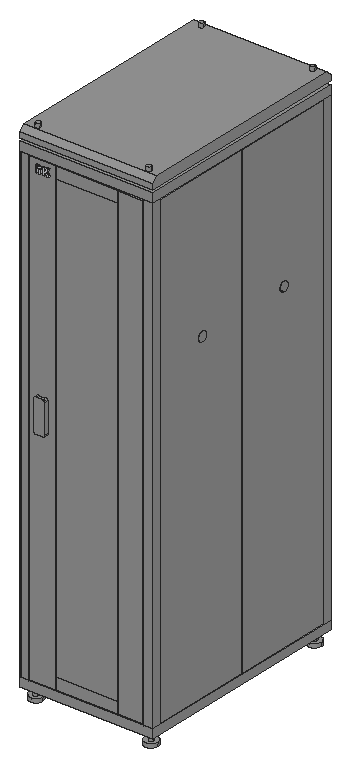
Revit family "ITK Шкаф сетевой 19 LINEA N 18U (600х1000 мм ) перфорация и перфорация", category Электрооборудование, Revit 2016
Family settings
  Тип детали = Другая панель
  Размер круглого соединителя = Использовать диаметр
  Номер OmniClass = 23.80.30.11.17
  Заголовок OmniClass = Distribution Boards and Control Panels
  На основе рабочей плоскости = Нет
  Всегда вертикально = Да
  При загрузке вырезать с полостями = Нет
  Общий = Нет
  Точка расчета площади = Нет
Parameters
  Ширина УГО = Ширина / 100  # 6 mm
  Ширина = 600 mm
  Степень защиты = "IP20"
  Смещение УГО по X [instance] = 1000 mm
  Основание = 50 mm
  Описание = "Напольные 19-дюймовые шкафы серии LINEA N применяются для размещения различного телекоммуникационного 19-дюймового активного и пассивного оборудования и небольших серверов, а также специализированного оборудования стандарта 19 дюймов, и отлично подходят для размещения как в офисных помещениях, так и в специализированных серверных комнатах.\r\n\r\nШирокий диапазон типоразмеров и модификаций сетевых шкафов, а также наличие большого количества комплектующих и аксессуаров к ним позволяет заказчику подобрать необходимую спецификацию в соответствии со стоящими перед ним задачами, а соответствие международным стандартам, таким как ISO9001, IEC 297, ISO/IEC 1180, обеспечивает совместимость с компонентами СКС и оборудованием других производителей.\r\n\r\nШкафы LINEA N обладают современным привлекательным дизайном и технологичной, но в то же время простой и удобной конструкцией, которая дает возможность эффективно справляться с задачами быстрого монтажа, администрирования и оперативного изменения конфигурации 19-дюймового оборудования, задачей защиты этого оборудования и поддержания для него оптимального температурного режима. Доступ внутрь шкафа возможен со всех сторон, для ввода кабеля предусмотрены вводы в верхней и нижней части. Сборка шкафа осуществляется одним специалистом и занимает не более 20 минут.\r\nРегулируемые по глубине 19-дюймовые направляющие.\r\nСовременный привлекательный дизайн.\r\nМонтажные профили имеют разметку в юнитах (U).\r\nХорошая естественная вентиляция, возможность установки дополнительных вентиляторных модулей.\r\nБоковые стенки оснащены замком и защелками.\r\nВозможность замены регулируемых ножек на ролики с тормозом.\r\nСтатическая нагрузка до 1000 кг (ножки).\r\nСборка одним человеком за 20 минут.\r\nНаличие большого количества совместимых аксессуаров и комплектующих производства ITK.\r\nВозможно исполнение в двух цветах: сером (RAL7035) и черном (RAL9005).\r\nРасширенная гарантия до 10 лет."  # constant formula
  Материал = Окраска - RAL 9005
  Крышка вентиляционная = 60 mm
  Type Comments = " "
  Assembly Code = ""
  Изготовитель = "ITK"  # constant formula
  Засечка УГО = 1.2 mm  # constant formula
  Model = ""
  Глубина УГО = Глубина / 100  # 10 mm
  Глубина = 1000 mm
  Высота = 2312 mm
  Вид установки = "Напольный"
  URL = "http://www.itk-group.ru/produktsiya/catalog/?page=section&id=450&pagen=1&pagec=100"
  ADSK_Ток = ADSK_Номинальная мощность / (ADSK_Коэффициент мощности * ADSK_Напряжение * sqrt(ADSK_Количество фаз числовое))  # 0 A
  ADSK_Примечание = ""
  ADSK_Полная мощность = ADSK_Номинальная мощность / ADSK_Коэффициент мощности  # 0 VA
  ADSK_Позиция [instance] = ""
  ADSK_Номинальная мощность = 0 W
  ADSK_Напряжение = 220 V
  ADSK_Наименование краткое = "LN35-47U61-PP"
  ADSK_Наименование = "ITK Шкаф сетевой 19\" LINEA N 47U 600х1000 мм, перфорированные передняя и задняя двери, серый"
  ADSK_Масса = 0
  ADSK_Марка = "LN35-47U61-PP"
  ADSK_Коэффициент мощности = 1
  ADSK_Количество фаз числовое = 1
  ADSK_Количество фаз = 1
  ADSK_Код изделия = ""
  ADSK_Классификация нагрузок = Прочее
  ADSK_Завод-изготовитель = "IEK"
  ADSK_Единица измерения = "шт"
  ADSK_Группирование = "I. ЩИТЫ И ПУЛЬТЫ"
Reference planes
  plane 1 "По центру (Вперед/Назад)": y = 0
  plane 2: z = 0
  plane 3 "По центру (Влево/Вправо)": x = 0
  plane 4: x = -300
  plane 5: x = 300
  plane 6: y = 500
  plane 7: y = -500
  plane 8: z = 2312
  plane 9: z = 250
  plane 10: z = 2252
  plane 11: z = 50
  plane 12 "Смещение УГО по X": x = -1000
Forms (mm)
  Extrusion 1, solid, detail levels coarse+medium
    sketch origin (0, 0, 0) x (1, 0, 0) y (0, 1, 0)
      loop
        line (-300, 500) -> (-300, -500) -> (300, -500) -> (300, 500) -> (-300, 500)
    from 0 to 2312 <- "Высота"
Lines and regions (mm)
  reference lines
    curve 1: line (0, 241.146, 0) -> (0, -338.854, 0)
Dimensions and locks
  equal spacing: plane 7, plane 1 "По центру (Вперед/Назад)", plane 6
  "Глубина": plane 7 to plane 6
  equal spacing: plane 4, plane 3 "По центру (Влево/Вправо)", plane 5
  "Ширина": plane 4 to plane 5
  "Крышка вентиляционная": plane 8 to plane 10
  "Основание": plane 11 to plane 2
  "Высота": plane 8 to plane 2
  plane 12 "Смещение УГО по X" to plane 3 "По центру (Влево/Вправо)" = 1000 mm
  "Смещение УГО по X": plane 12 "Смещение УГО по X" to curve 1
  aligned and locked: level to plane 2
  aligned and locked: plane 1 "По центру (Вперед/Назад)" to nested 1
  aligned and locked: plane 3 "По центру (Влево/Вправо)" to nested 1
  aligned and locked: plane 1 "По центру (Вперед/Назад)" to nested 2
  aligned and locked: plane 3 "По центру (Влево/Вправо)" to nested 2
  aligned and locked: plane 3 "По центру (Влево/Вправо)" to nested 3
  aligned and locked: plane 1 "По центру (Вперед/Назад)" to nested 3
  aligned and locked: plane 1 "По центру (Вперед/Назад)" to nested 4
  aligned and locked: plane 3 "По центру (Влево/Вправо)" to nested 4
  aligned and locked: Extrusion 1 sketch curve to plane 4
  aligned and locked: Extrusion 1 sketch curve to plane 6
  aligned and locked: plane 7 to Extrusion 1 sketch curve
  aligned and locked: plane 5 to Extrusion 1 sketch curve
  aligned and locked: plane 3 "По центру (Влево/Вправо)" to nested 5
  aligned and locked: plane 1 "По центру (Вперед/Назад)" to nested 5
  aligned and locked: plane 3 "По центру (Влево/Вправо)" to nested 6
  aligned and locked: plane 7 to nested 6
  aligned and locked: plane 1 "По центру (Вперед/Назад)" to nested 7
  aligned and locked: nested 7 to curve 1
  aligned and locked: nested 8 to plane 3 "По центру (Влево/Вправо)"
  aligned and locked: plane 6 to nested 8
Automatic sketch dimensions
  curve 1 to plane 7 = 161.146 mm
  curve 1 to plane 1 "По центру (Вперед/Назад)" = 241.146 mm
Nested families
  nested 1: "Стойка_комплект 4шт" at (0, 0, 0), type "Стойка_комплект 4шт", detail levels fine
    with Основание 50 mm, Глубина 1000 mm, Высота 2312 mm
  nested 2: "Основание_2шт" at (0, 0, 0), type "Основание_2шт", detail levels fine
    with Крыша вентиляционная 60 mm, Глубина 1000 mm, Высота 2312 mm
  nested 3: "Крыша вентиляционная" at (0, 0, 0), type "Крыша вентиляционная", detail levels fine
    with Крыша вентиляционная 60 mm, Глубина 1000 mm, Высота 2312 mm
  nested 4: "Ножки" at (0, 0, 0), type "Ножки", detail levels fine
    with Крыша вентиляционная 60 mm, Глубина 1000 mm, Высота 2312 mm
  nested 5: "Панель боковая (1000мм)_2шт" at (0, 0, 0), type "Панель боковая (1000мм)_2шт", detail levels fine
  nested 6: "Комплект двери перфорированной" at (0, 0, 0), type "Комплект двери перфорированной", detail levels fine
    with Глубина 1000 mm
  nested 7: "УГО (две двери)" at (0, 0, 0), type "УГО (две двери)", detail levels coarse+medium
  nested 8: "Комплект двери перфорированной" at (0, 0, 0) x (-1, 0, 0) z (0, 0, 1), type "Комплект двери перфорированной", detail levels fine
    with Глубина 1000 mm
Connectors
  electrical at (0, 500, 1156), driven by "ADSK_Напряжение", driven by "ADSK_Количество фаз", driven by "ADSK_Коэффициент мощности", driven by "ADSK_Классификация нагрузок", driven by "ADSK_Полная мощность"
    settings: on Extrusion 1, index 1, voltage 220 V, apparent load 0 VA, apparent load phase1 0 VA, apparent load phase2 0 VA, apparent load phase3 0 VA, power factor 1, load classification "Прочее", number of poles 1, system type 31, power factor state 1, is connector primary yes, connector utility no, sub classification motor no, connector description ""
Definition of nested family "Стойка_комплект 4шт"
  Parameters
    Ширина = 600 mm
    Основание = 150 mm
    Материал = none
    Крыша вентиляционная = 60 mm
    Глубина = 600 mm
    Высота = 2200 mm
  Reference planes
    plane 1 "По центру (Вперед/Назад)": y = 0
    plane 2: z = 0
    plane 3 "По центру (Влево/Вправо)": x = 0
    plane 4: x = -300
    plane 5: x = 300
    plane 6: y = 300
    plane 7: y = -300
    plane 8: y = 260
    plane 9: y = -260
    plane 10: x = -260
    plane 11: x = 260
    plane 12: z = 2100
    plane 13: z = 190
    plane 14: z = 150
    plane 15: z = 2140
    plane 16: z = 2200
  Forms (mm)
    Extrusion 1, solid, material <- "Материал"
      sketch origin (0, 0, 0) x (1, 0, 0) y (0, 1, 0)
        loop
          line (-300, -260) -> (-300, -300) -> (-260, -300) -> (-260, -280) -> (-245, -280) -> (-245, -260) -> (-260, -260) -> (-260, -245) -> (-270, -245) -> (-270, -260) -> (-300, -260)
        loop
          line (300, -260) -> (270, -260) -> (270, -245) -> (260, -245) -> (260, -260) -> (245, -260) -> (245, -280) -> (260, -280) -> (260, -300) -> (300, -300) -> (300, -260)
        loop
          line (300, 260) -> (300, 300) -> (260, 300) -> (260, 270) -> (245, 270) -> (245, 260) -> (260, 260) -> (260, 245) -> (270, 245) -> (270, 260) -> (300, 260)
        loop
          line (-300, 260) -> (-270, 260) -> (-270, 245) -> (-260, 245) -> (-260, 260) -> (-245, 260) -> (-245, 270) -> (-260, 270) -> (-260, 300) -> (-300, 300) -> (-300, 260)
        loop
          line (297, 297) -> (263, 297) -> (263, 267) -> (248, 267) -> (248, 263) -> (263, 263) -> (263, 248) -> (267, 248) -> (267, 263) -> (297, 263) -> (297, 297)
        loop
          line (-263, 297) -> (-297, 297) -> (-297, 263) -> (-267, 263) -> (-267, 248) -> (-263, 248) -> (-263, 263) -> (-248, 263) -> (-248, 267) -> (-263, 267) -> (-263, 297)
        loop
          line (-297, -263) -> (-297, -297) -> (-263, -297) -> (-263, -277) -> (-248, -277) -> (-248, -263) -> (-263, -263) -> (-263, -248) -> (-267, -248) -> (-267, -263) -> (-297, -263)
        loop
          line (263, -297) -> (297, -297) -> (297, -263) -> (267, -263) -> (267, -248) -> (263, -248) -> (263, -263) -> (248, -263) -> (248, -277) -> (263, -277) -> (263, -297)
      from 190 to 2100
  Dimensions and locks
    equal spacing: plane 7, plane 1 "По центру (Вперед/Назад)", plane 6
    equal spacing: plane 4, plane 3 "По центру (Влево/Вправо)", plane 5
    "Ширина": plane 4 to plane 5
    "Глубина": plane 7 to plane 6
    locked: plane 7 to plane 9 at 40
    locked: plane 6 to plane 8 at 40
    locked: plane 11 to plane 5 at 40
    locked: plane 4 to plane 10 at 40
    locked: plane 15 to plane 12 at 40
    "Крыша вентиляционная": plane 16 to plane 15
    locked: plane 13 to plane 14 at 40
    "Основание": plane 14 to plane 2
    "Высота": plane 16 to plane 2
    aligned and locked: level to plane 2
    aligned and locked: plane 9 to Extrusion 1 sketch curve
    aligned and locked: plane 4 to Extrusion 1 sketch curve
    aligned and locked: Extrusion 1 sketch curve to plane 7
    aligned and locked: plane 5 to Extrusion 1 sketch curve
    aligned and locked: plane 8 to Extrusion 1 sketch curve  (x2)
    aligned and locked: Extrusion 1 sketch curve to plane 11  (x2)
    aligned and locked: Extrusion 1 sketch curve to plane 6
    aligned and locked: plane 10 to Extrusion 1 sketch curve  (x2)
    aligned and locked: Extrusion 1 sketch curve to plane 8  (x2)
    aligned and locked: plane 6 to Extrusion 1 sketch curve
    aligned and locked: Extrusion 1 sketch curve to plane 4
    aligned and locked: plane 7 to Extrusion 1 sketch curve
    aligned and locked: Extrusion 1 sketch curve to plane 5
    aligned and locked: Extrusion 1 sketch curve to plane 9
    aligned and locked: plane 11 to Extrusion 1 sketch curve
    aligned and locked: plane 12 to Extrusion 1
    aligned and locked: Extrusion 1 to plane 13
  Automatic sketch dimensions
    Extrusion 1 sketch curve to plane 10 = 0 mm  (x2)
    plane 9 to Extrusion 1 sketch curve = 0 mm  (x2)
    Extrusion 1 sketch curve to plane 11 = 0 mm
    plane 4 to Extrusion 1 sketch curve = 3 mm  (x2)
    Extrusion 1 sketch curve to plane 10 = 10 mm  (x2)
    Extrusion 1 sketch curve to Extrusion 1 sketch curve = 3 mm  (x16)
    Extrusion 1 sketch curve to plane 10 = 3 mm  (x4)
    plane 10 to Extrusion 1 sketch curve = 12 mm  (x2)
    Extrusion 1 sketch curve to Extrusion 1 sketch curve = 15 mm  (x2)
    Extrusion 1 sketch curve to plane 11 = 3 mm  (x4)
    Extrusion 1 sketch curve to Extrusion 1 sketch curve = 4 mm  (x4)
    plane 5 to Extrusion 1 sketch curve = 3 mm  (x2)
    Extrusion 1 sketch curve to plane 7 = 3 mm  (x2)
    Extrusion 1 sketch curve to plane 7 = 20 mm  (x2)
    plane 9 to Extrusion 1 sketch curve = 3 mm  (x4)
    Extrusion 1 sketch curve to plane 9 = 12 mm  (x2)
    Extrusion 1 sketch curve to plane 8 = 15 mm  (x2)
    plane 8 to Extrusion 1 sketch curve = 3 mm  (x4)
    Extrusion 1 sketch curve to plane 6 = 3 mm  (x2)
Definition of nested family "Основание_2шт"
  Parameters
    Ширина = 600 mm
    Основание = 50 mm
    Материал = none
    Крыша вентиляционная = 100 mm
    Глубина = 600 mm
    Высота = 1800 mm
  Reference planes
    plane 1 "По центру (Вперед/Назад)": y = 0
    plane 2: z = 0
    plane 3 "По центру (Влево/Вправо)": x = 0
    plane 4: x = -300
    plane 5: x = 300
    plane 6: y = 300
    plane 7: y = -300
    plane 8: y = 260
    plane 9: y = -260
    plane 10: x = -260
    plane 11: x = 260
    plane 12: z = 1800
    plane 13: z = 90
    plane 14: z = 50
    plane 15: z = 1700
    plane 16: z = 1660
    plane 17: z = 1655
    plane 18: z = 95
  Forms (mm)
    Extrusion 1, solid, material <- "Материал"
      sketch origin (0, 0, 0) x (1, 0, 0) y (0, 0, 1)
        loop
          line (-300, 1700) -> (-300, 1660) -> (300, 1660) -> (300, 1700) -> (-300, 1700)
        loop
          line (-300, 90) -> (-300, 50) -> (300, 50) -> (300, 90) -> (-300, 90)
      from -300 to 300
    Extrusion 2, solid, material <- "Материал"
      sketch origin (-1511.359, -1524, 1660) x (-1, 0, 0) y (0, -1, 0)
        loop
          line (-1771.359, -1769) -> (-1771.359, -1784) -> (-1756.359, -1784) -> (-1756.359, -1814) -> (-1266.359, -1814) -> (-1266.359, -1784) -> (-1251.359, -1784) -> (-1251.359, -1769) -> (-1221.359, -1769) -> (-1221.359, -1279) -> (-1251.359, -1279) -> (-1251.359, -1264) -> (-1266.359, -1264) -> (-1266.359, -1244) -> (-1756.359, -1244) -> (-1756.359, -1264) -> (-1771.359, -1264) -> (-1771.359, -1279) -> (-1801.359, -1279) -> (-1801.359, -1769) -> (-1771.359, -1769)
      from -5 to 0
    Extrusion 3, solid, material <- "Материал"
      sketch origin (-1511.359, -1524, 384.733) x (0, 1, 0) y (1, 0, 0)
        loop
          line (1769, 1771.359) -> (1769, 1801.359) -> (1279, 1801.359) -> (1279, 1771.359) -> (1264, 1771.359) -> (1264, 1756.359) -> (1244, 1756.359) -> (1244, 1266.359) -> (1264, 1266.359) -> (1264, 1251.359) -> (1279, 1251.359) -> (1279, 1221.359) -> (1769, 1221.359) -> (1769, 1251.359) -> (1784, 1251.359) -> (1784, 1266.359) -> (1814, 1266.359) -> (1814, 1756.359) -> (1784, 1756.359) -> (1784, 1771.359) -> (1769, 1771.359)
      from 289.733 to 294.733
  Dimensions and locks
    equal spacing: plane 7, plane 1 "По центру (Вперед/Назад)", plane 6
    equal spacing: plane 4, plane 3 "По центру (Влево/Вправо)", plane 5
    "Ширина": plane 4 to plane 5
    "Глубина": plane 7 to plane 6
    locked: plane 7 to plane 9 at 40
    locked: plane 6 to plane 8 at 40
    locked: plane 11 to plane 5 at 40
    locked: plane 4 to plane 10 at 40
    "Основание": plane 14 to plane 2
    locked: plane 13 to plane 14 at 40
    locked: plane 15 to plane 16 at 40
    "Крыша вентиляционная": plane 12 to plane 15
    locked: plane 16 to plane 17 at 5
    locked: plane 18 to plane 13 at 5
    "Высота": plane 12 to plane 2
    aligned and locked: level to plane 2
    aligned and locked: Extrusion 1 sketch curve to plane 15
    aligned and locked: plane 4 to Extrusion 1 sketch curve  (x2)
    aligned and locked: plane 16 to Extrusion 1 sketch curve
    aligned and locked: plane 5 to Extrusion 1 sketch curve  (x2)
    aligned and locked: Extrusion 1 sketch curve to plane 13
    aligned and locked: plane 14 to Extrusion 1 sketch curve
    aligned and locked: plane 6 to Extrusion 1
    aligned and locked: plane 7 to Extrusion 1
    aligned and locked: plane 9 to Extrusion 2 sketch curve
    aligned and locked: Extrusion 2 sketch curve to plane 9
    aligned and locked: Extrusion 2 sketch curve to plane 10
    aligned and locked: plane 11 to Extrusion 2 sketch curve
    aligned and locked: Extrusion 2 sketch curve to plane 11
    aligned and locked: plane 8 to Extrusion 2 sketch curve
    aligned and locked: Extrusion 2 sketch curve to plane 8
    aligned and locked: plane 10 to Extrusion 2 sketch curve
    aligned and locked: plane 16 to Extrusion 2
    aligned and locked: Extrusion 2 to plane 17
    aligned and locked: Extrusion 3 to plane 13
    aligned and locked: plane 18 to Extrusion 3
    aligned and locked: Extrusion 2 sketch curve to Extrusion 3
  Automatic sketch dimensions
    plane 5 to Extrusion 2 sketch curve = 10 mm
    Extrusion 2 sketch curve to Extrusion 2 sketch curve = 15 mm  (x2)
    plane 10 to Extrusion 2 sketch curve = 15 mm  (x2)
    plane 4 to Extrusion 2 sketch curve = 10 mm
    Extrusion 2 sketch curve to plane 6 = 10 mm
    Extrusion 2 sketch curve to plane 8 = 15 mm  (x2)
    Extrusion 2 sketch curve to plane 9 = 15 mm  (x2)
    plane 9 to Extrusion 3 sketch curve = 0 mm  (x2)
    Extrusion 3 sketch curve to plane 11 = 0 mm  (x2)
    Extrusion 3 sketch curve to plane 10 = 0 mm  (x2)
    Extrusion 3 sketch curve to plane 8 = 0 mm  (x2)
    Extrusion 3 sketch curve to plane 7 = 20 mm
    Extrusion 3 sketch curve to plane 9 = 15 mm  (x2)
    Extrusion 3 sketch curve to Extrusion 3 sketch curve = 15 mm  (x3)
    Extrusion 3 sketch curve to plane 8 = 15 mm
    Extrusion 3 sketch curve to plane 6 = 10 mm
    plane 5 to Extrusion 3 sketch curve = 10 mm
    plane 10 to Extrusion 3 sketch curve = 15 mm  (x2)
    plane 4 to Extrusion 3 sketch curve = 10 mm
Definition of nested family "Крыша вентиляционная"
  Parameters
    Ширина = 600 mm
    Основание = 50 mm
    Материал = none
    Крыша вентиляционная = 65 mm
    Глубина = 600 mm
    Высота = 1805 mm
  Reference planes
    plane 1 "По центру (Вперед/Назад)": y = 0
    plane 2: z = 0
    plane 3 "По центру (Влево/Вправо)": x = 0
    plane 4: x = -300
    plane 5: x = 300
    plane 6: y = 300
    plane 7: y = -300
    plane 8: y = 260
    plane 9: y = -260
    plane 10: x = -260
    plane 11: x = 260
    plane 12: z = 1805
    plane 13: z = 50
    plane 14: z = 1740
    plane 15: z = 1820
    plane 16: z = 1755
  Forms (mm)
    Extrusion 1, solid, material <- "Материал"
      sketch origin (-1511.359, -1524, 1710) x (-1, 0, 0) y (0, -1, 0)
        loop
          circle (-1761.359, -1784) r 10
        loop
          circle (-1761.359, -1264) r 10
        loop
          circle (-1261.359, -1784) r 10
        loop
          circle (-1261.359, -1264) r 10
      from 30 to 110
    Extrusion 2, solid, material <- "Материал"
      sketch origin (0, 0, 0) x (0, 1, 0) y (0, 0, 1)
        loop
          line (-275, 1805) -> (-300, 1780) -> (-300, 1755) -> (300, 1755) -> (300, 1780) -> (275, 1805) -> (-275, 1805)
      from -300 to 300
  Cuts and joins
    joined: Extrusion 1, Extrusion 2
  Dimensions and locks
    equal spacing: plane 7, plane 1 "По центру (Вперед/Назад)", plane 6
    equal spacing: plane 4, plane 3 "По центру (Влево/Вправо)", plane 5
    "Ширина": plane 4 to plane 5
    "Глубина": plane 7 to plane 6
    locked: plane 7 to plane 9 at 40
    locked: plane 6 to plane 8 at 40
    locked: plane 11 to plane 5 at 40
    locked: plane 4 to plane 10 at 40
    "Основание": plane 13 to plane 2
    "Крыша вентиляционная": plane 12 to plane 14
    locked: plane 15 to plane 12 at 15
    locked: plane 16 to plane 14 at 15
    equal spacing: plane 12, Extrusion 2 sketch curve, plane 16  (x2)
    "Высота": plane 12 to plane 2
    locked: plane 12 to Extrusion 2 sketch curve (angle 45.00°)
    locked: Extrusion 2 sketch curve to plane 12 (angle 45.00°)
    aligned and locked: level to plane 2
    aligned and locked: Extrusion 1 to plane 14
    aligned and locked: plane 15 to Extrusion 1
    aligned and locked: Extrusion 2 sketch curve to plane 12
    aligned and locked: Extrusion 2 sketch curve to plane 7
    aligned and locked: plane 16 to Extrusion 2 sketch curve
    aligned and locked: Extrusion 2 sketch curve to plane 6
    aligned and locked: Extrusion 2 to plane 4
    aligned and locked: Extrusion 2 to plane 5
  Automatic sketch dimensions
    plane 9 to Extrusion 1 sketch curve = 0 mm  (x2)
    Extrusion 1 sketch curve to plane 8 = 0 mm  (x2)
    plane 11 to Extrusion 1 sketch curve = 10 mm  (x2)
    plane 10 to Extrusion 1 sketch curve = 10 mm  (x2)
    radius of Extrusion 1 sketch curve = 10 mm  (x4)
Definition of nested family "Ножки"
  Parameters
    Ширина = 600 mm
    Основание = 50 mm
    Материал = none
    Крыша вентиляционная = 100 mm
    Глубина = 600 mm
    Высота = 1800 mm
  Reference planes
    plane 1 "По центру (Вперед/Назад)": y = 0
    plane 2: z = 0
    plane 3 "По центру (Влево/Вправо)": x = 0
    plane 4: x = -300
    plane 5: x = 300
    plane 6: y = 300
    plane 7: y = -300
    plane 8: y = 260
    plane 9: y = -260
    plane 10: x = -260
    plane 11: x = 260
    plane 12: z = 1850
    plane 13: z = 50
    plane 14: z = 15
  Forms (mm)
    Extrusion 1, solid, material <- "Материал"
      sketch origin (-1511.359, -1524, 1710) x (-1, 0, 0) y (0, -1, 0)
        loop
          circle (-1251.359, -1784) r 30
        loop
          circle (-1771.359, -1784) r 30
        loop
          circle (-1251.359, -1264) r 30
        loop
          circle (-1771.359, -1264) r 30
      from -1710 to -1695
    Extrusion 2, solid, material <- "Материал"
      sketch origin (-1511.359, -1524, 1710) x (-1, 0, 0) y (0, -1, 0)
        loop
          circle (-1251.359, -1784) r 10
        loop
          circle (-1771.359, -1784) r 10
        loop
          circle (-1251.359, -1264) r 10
        loop
          circle (-1771.359, -1264) r 10
      from -1695 to -1660
  Dimensions and locks
    equal spacing: plane 7, plane 1 "По центру (Вперед/Назад)", plane 6
    equal spacing: plane 4, plane 3 "По центру (Влево/Вправо)", plane 5
    "Ширина": plane 4 to plane 5
    "Глубина": plane 7 to plane 6
    locked: plane 7 to plane 9 at 40
    locked: plane 6 to plane 8 at 40
    locked: plane 11 to plane 5 at 40
    locked: plane 4 to plane 10 at 40
    "Основание": plane 13 to plane 2
    "Высота": plane 12 to plane 13
    locked: plane 14 to plane 2 at 15
    aligned and locked: level to plane 2
    aligned and locked: plane 10 to Extrusion 1 sketch curve  (x2)
    aligned and locked: plane 9 to Extrusion 1 sketch curve  (x2)
    aligned and locked: plane 11 to Extrusion 1 sketch curve  (x2)
    aligned and locked: plane 8 to Extrusion 1 sketch curve  (x2)
    aligned and locked: plane 10 to Extrusion 2 sketch curve  (x2)
    aligned and locked: plane 8 to Extrusion 2 sketch curve  (x2)
    aligned and locked: plane 11 to Extrusion 2 sketch curve  (x2)
    aligned and locked: plane 9 to Extrusion 2 sketch curve  (x2)
    aligned and locked: Extrusion 1 to level
    aligned and locked: plane 14 to Extrusion 1
    aligned and locked: Extrusion 2 to plane 14
    aligned and locked: plane 13 to Extrusion 2
  Automatic sketch dimensions
    radius of Extrusion 1 sketch curve = 30 mm  (x4)
    radius of Extrusion 2 sketch curve = 10 mm  (x4)
Definition of nested family "Панель боковая (1000мм)_2шт"
  Parameters (values of type "Панель боковая (1000мм)_2шт")
    Ширина = 600 mm
    Основание = 50 mm
    Материал = none
    Крышка вентиляционная = 60 mm
    Глубина = 1000 mm
    Высота = 2312 mm
  Reference planes
    plane 1 "По центру (Вперед/Назад)": y = 0
    plane 2: z = 0
    plane 3 "По центру (Влево/Вправо)": x = 0
    plane 4: x = -300
    plane 5: x = 300
    plane 6: y = 500
    plane 7: y = -500
    plane 8: y = 460
    plane 9: y = -460
    plane 10: x = -260
    plane 11: x = 260
    plane 12: z = 90
    plane 13: z = 95
    plane 14: z = 50
    plane 15: z = 1558
    plane 16: z = 2212
    plane 17: z = 2312
    plane 18: z = 804
    plane 19: z = 2252
    plane 20: z = 2207
  Forms (mm)
    Extrusion 1, solid, material <- "Материал"
      sketch origin (0, 0, 0) x (1, 0, 0) y (0, 1, 0)
        loop
          line (-300, 455) -> (-300, 5) -> (-270, 5) -> (-270, 15) -> (-289.98, 15) -> (-289.98, 445) -> (-270, 445) -> (-270, 455) -> (-300, 455)
        loop
          line (-300, -455) -> (-270, -455) -> (-270, -445) -> (-289.98, -445) -> (-289.98, -15) -> (-270, -15) -> (-270, -5) -> (-300, -5) -> (-300, -455)
        loop
          line (300, -455) -> (300, -5) -> (270, -5) -> (270, -15) -> (289.98, -15) -> (289.98, -445) -> (270, -445) -> (270, -455) -> (300, -455)
        loop
          line (300, 455) -> (270, 455) -> (270, 445) -> (289.98, 445) -> (289.98, 15) -> (270, 15) -> (270, 5) -> (300, 5) -> (300, 455)
      from 95 to 2207
  Dimensions and locks
    equal spacing: plane 7, plane 1 "По центру (Вперед/Назад)", plane 6
    equal spacing: plane 4, plane 3 "По центру (Влево/Вправо)", plane 5
    "Ширина": plane 4 to plane 5
    "Глубина": plane 7 to plane 6
    locked: plane 7 to plane 9 at 40
    locked: plane 6 to plane 8 at 40
    locked: plane 11 to plane 5 at 40
    locked: plane 4 to plane 10 at 40
    locked: plane 13 to plane 12 at 5
    locked: plane 12 to plane 14 at 40
    "Основание": plane 14 to plane 2
    "Высота": plane 17 to plane 2
    equal spacing: plane 17, plane 15, plane 18, plane 14
    "Крышка вентиляционная": plane 17 to plane 19
    locked: plane 19 to plane 16 at 40
    locked: plane 16 to plane 20 at 5
    aligned and locked: level to plane 2
    aligned and locked: Extrusion 1 to plane 13
    aligned and locked: nested 1 to plane 15
    aligned and locked: Extrusion 1 sketch curve to plane 4
    aligned and locked: nested 3 to plane 15
    aligned and locked: plane 15 to nested 4
    aligned and locked: plane 15 to nested 2
    aligned and locked: plane 20 to Extrusion 1
  Automatic sketch dimensions
    Extrusion 1 sketch curve to plane 4 = 0 mm
    Extrusion 1 sketch curve to plane 5 = 0 mm  (x2)
    plane 4 to Extrusion 1 sketch curve = 10.02 mm  (x2)
    Extrusion 1 sketch curve to plane 10 = 10 mm  (x4)
    Extrusion 1 sketch curve to plane 9 = 5 mm  (x2)
    Extrusion 1 sketch curve to plane 1 "По центру (Вперед/Назад)" = 5 mm  (x2)
    plane 1 "По центру (Вперед/Назад)" to Extrusion 1 sketch curve = 5 mm  (x2)
    Extrusion 1 sketch curve to plane 11 = 10 mm  (x4)
    plane 5 to Extrusion 1 sketch curve = 10.02 mm  (x2)
    Extrusion 1 sketch curve to Extrusion 1 sketch curve = 10 mm  (x6)
    Extrusion 1 sketch curve to plane 8 = 15 mm  (x2)
    Extrusion 1 sketch curve to plane 8 = 5 mm  (x2)
  Nested families
    nested 1: "Замок" at (300, 230, 1558) x (0, 1, 0) z (1, 0, 0), type "Замок"
    nested 2: "Замок" at (-300, 230, 1558) x (0, 1, 0) z (-1, 0, 0), type "Замок"
    nested 3: "Замок" at (-300, -230, 1558) x (0, -1, 0) z (-1, 0, 0), type "Замок"
    nested 4: "Замок" at (300, -230, 1558) x (0, -1, 0) z (1, 0, 0), type "Замок"
  Definition of nested family "Замок"
    Parameters
      Default Elevation = 1219.2 mm
      Материал = none
    Reference planes
      plane 1 "По центру (Вперед/Назад)": y = 0
      plane 2: z = 0
      plane 3 "По центру (Влево/Вправо)": x = 0
    Forms (mm)
      Extrusion 1, solid
        sketch origin (0, 0, 0) x (1, 0, 0) y (0, 1, 0)
          loop
            line (-1219.2, 1219.2) -> (-1219.2, -1219.2) -> (1219.2, -1219.2) -> (1219.2, 1219.2) -> (-1219.2, 1219.2)
        from 0 to -304.8
      Extrusion 2, solid, material <- "Материал"
        sketch origin (0, 0, 0) x (1, 0, 0) y (0, 1, 0)
          loop
            circle (0, 0) r 20
          loop
            line (3, 8.219) -> (-3, 8.219) -> (-3, -8.219) -> (3, -8.219) -> (3, 8.219)
        from 0 to 7
    Dimensions and locks
      aligned and locked: plane 2 to Extrusion 1
      aligned and locked: level to Extrusion 1
Definition of nested family "Комплект двери перфорированной"
  Parameters (values of type "Комплект двери перфорированной")
    Ширина = 600 mm
    Основание = 50 mm
    Материал = none
    Крыша вентиляционная = 60 mm
    Глубина = 800 mm
    Высота = 2312 mm
  Reference planes
    plane 1 "По центру (Вперед/Назад)": y = 0
    plane 2: z = 0
    plane 3 "По центру (Влево/Вправо)": x = 0
    plane 4: x = -300
    plane 5: x = 300
    plane 6: y = 400
    plane 7: y = -400
    plane 8: y = 360
    plane 9: y = -360
    plane 10: x = -260
    plane 11: x = 260
    plane 12: z = 2212
    plane 13: z = 90
    plane 14: z = 2207
    plane 15: z = 95
    plane 16: z = 2252
    plane 17: z = 2312
    plane 18: z = 50
    plane 19: z = 1181
    plane 20: x = -200
    plane 21: x = -140
    plane 22: x = 140
    plane 23: z = 2157
    plane 24: z = 145
  Forms (mm)
    Extrusion 1, solid, material <- "Материал"
      sketch origin (0, 0, 0) x (1, 0, 0) y (0, 1, 0)
        loop
          line (-255, -400) -> (-140, -400) -> (-140, -380) -> (-235, -380) -> (-235, -365) -> (-245, -365) -> (-245, -380) -> (-255, -380) -> (-255, -400)
        loop
          line (255, -400) -> (255, -380) -> (245, -380) -> (245, -365) -> (235, -365) -> (235, -380) -> (140, -380) -> (140, -400) -> (255, -400)
      from 95 to 2207
    Extrusion 2, solid
      sketch origin (0, 0, 0) x (1, 0, 0) y (0, 1, 0)
        loop
          line (-140, -380) -> (-140, -400) -> (140, -400) -> (140, -380) -> (-140, -380)
      from 145 to 2157
    Extrusion 3, solid, material <- "Материал"
      sketch origin (0, 0, 0) x (1, 0, 0) y (0, 1, 0)
        loop
          line (140, -380) -> (-140, -380) -> (-140, -400) -> (140, -400) -> (140, -380)
      from 95 to 145
    Extrusion 4, solid, material <- "Материал"
      sketch origin (0, 0, 2062) x (1, 0, 0) y (0, 1, 0)
        loop
          line (140, -380) -> (-140, -380) -> (-140, -400) -> (140, -400) -> (140, -380)
      from 95 to 145
  Dimensions and locks
    equal spacing: plane 7, plane 1 "По центру (Вперед/Назад)", plane 6
    equal spacing: plane 4, plane 3 "По центру (Влево/Вправо)", plane 5
    "Ширина": plane 4 to plane 5
    "Глубина": plane 7 to plane 6
    locked: plane 7 to plane 9 at 40
    locked: plane 6 to plane 8 at 40
    locked: plane 11 to plane 5 at 40
    locked: plane 4 to plane 10 at 40
    locked: plane 12 to plane 14 at 5
    locked: plane 15 to plane 13 at 5
    locked: plane 16 to plane 12 at 40
    "Крыша вентиляционная": plane 17 to plane 16
    locked: plane 13 to plane 18 at 40
    "Основание": plane 18 to plane 2
    equal spacing: plane 17, plane 19, plane 18
    locked: plane 4 to plane 21 at 160
    locked: plane 22 to plane 5 at 160
    locked: plane 4 to plane 20 at 100
    locked: plane 14 to plane 23 at 50
    "Высота": plane 17 to plane 2
    locked: plane 24 to plane 15 at 50
    aligned and locked: level to plane 2
    aligned and locked: plane 14 to Extrusion 1
    aligned and locked: Extrusion 1 to plane 15
    aligned and locked: nested 1 to plane 19
    aligned and locked: plane 20 to nested 1
    aligned and locked: Extrusion 1 sketch curve to plane 21
    aligned and locked: Extrusion 1 sketch curve to plane 22
    aligned and locked: Extrusion 2 sketch curve to Extrusion 1  (x4)
    aligned and locked: plane 20 to nested 2
    aligned and locked: nested 2 to plane 23
    aligned and locked: Extrusion 2 to plane 24
    aligned and locked: Extrusion 3 sketch curve to Extrusion 2  (x4)
    aligned and locked: Extrusion 3 to plane 15
    aligned and locked: Extrusion 3 to Extrusion 2
    aligned and locked: Extrusion 2 to nested 2
    aligned and locked: nested 2 to Extrusion 4
    aligned and locked: plane 14 to Extrusion 4
  Automatic sketch dimensions
    plane 7 to Extrusion 1 sketch curve = 0 mm  (x2)
    Extrusion 1 sketch curve to plane 10 = 25 mm
    Extrusion 1 sketch curve to Extrusion 1 sketch curve = 10 mm  (x2)
    Extrusion 1 sketch curve to plane 10 = 5 mm
    Extrusion 1 sketch curve to plane 9 = 5 mm  (x2)
    Extrusion 1 sketch curve to plane 11 = 25 mm
    Extrusion 1 sketch curve to plane 11 = 5 mm
    plane 7 to Extrusion 1 sketch curve = 20 mm
    Extrusion 1 sketch curve to Extrusion 1 sketch curve = 15 mm
    Extrusion 1 sketch curve to Extrusion 1 sketch curve = 0 mm  (x2)
    plane 7 to Extrusion 4 sketch curve = 0 mm
    Extrusion 4 sketch curve to plane 7 = 20 mm
    plane 5 to Extrusion 4 sketch curve = 440 mm
    Extrusion 4 sketch curve to Extrusion 4 sketch curve = 280 mm
  Nested families
    nested 1: "Ручка" at (-200, -400, 1181) x (1, 0, 0) z (0, -1, 0), type "Ручка"
    nested 2: "Логотип" at (-200, -400, 2157) x (1, 0, 0) z (0, -1, 0), type "Логотип"
  Definition of nested family "Ручка"
    Parameters
      Default Elevation = 1219.2 mm
      Материал = none
    Reference planes
      plane 1 "По центру (Вперед/Назад)": y = 0
      plane 2: z = 0
      plane 3 "По центру (Влево/Вправо)": x = 0
    Forms (mm)
      Extrusion 1, solid
        sketch origin (0, 0, 0) x (1, 0, 0) y (0, 1, 0)
          loop
            line (-1219.2, 1219.2) -> (-1219.2, -1219.2) -> (1219.2, -1219.2) -> (1219.2, 1219.2) -> (-1219.2, 1219.2)
        from 0 to -304.8
      Extrusion 2, solid, material <- "Материал"
        sketch origin (0, 0, 0) x (1, 0, 0) y (0, 1, 0)
          loop
            arc (-15, 75) -> (-22.071, 72.071) -> (-25, 65) r 10
            line (-25, 65) -> (-25, -65)
            arc (-25, -65) -> (-22.071, -72.071) -> (-15, -75) r 10
            line (-15, -75) -> (15, -75)
            arc (15, -75) -> (22.071, -72.071) -> (25, -65) r 10
            line (25, -65) -> (25, 65)
            arc (25, 65) -> (22.071, 72.071) -> (15, 75) r 10
            line (15, 75) -> (-15, 75)
        from 0 to 15
    Dimensions and locks
      aligned and locked: plane 2 to Extrusion 1
      aligned and locked: level to Extrusion 1
  Definition of nested family "Логотип"
    Parameters
      Default Elevation = 1219.2 mm
      Материал = none
    Reference planes
      plane 1 "По центру (Вперед/Назад)": y = 0
      plane 2: z = 0
      plane 3 "По центру (Влево/Вправо)": x = 0
    Forms (mm)
      Extrusion 1, solid
        sketch origin (0, 0, 0) x (1, 0, 0) y (0, 1, 0)
          loop
            line (-1219.2, 1219.2) -> (-1219.2, -1219.2) -> (1219.2, -1219.2) -> (1219.2, 1219.2) -> (-1219.2, 1219.2)
        from 0 to -304.8
      Extrusion 2, solid, material <- "Материал"
        sketch origin (0, 0, 0) x (1, 0, 0) y (0, 1, 0)
          loop
            line (-24.198, 18.809) -> (-24.198, 0) -> (-15.975, 0) -> (-15.975, 18.809) -> (-24.198, 18.809)
          loop
            line (0.039, 18.809) -> (-7.705, 18.809) -> (-7.705, 0) -> (0.039, 0) -> (0.039, 18.809)
          loop
            line (-24.198, 21.431) -> (-15.975, 21.431) -> (-15.975, 29.41) -> (-24.198, 29.41) -> (-24.198, 21.431)
          loop
            line (8.482, 29.41) -> (8.482, 0) -> (16.233, 0) -> (16.233, 11.027) -> (19.197, 11.027) -> (26.358, 0) -> (35.802, 0) -> (25.102, 14.728) -> (35.802, 29.41) -> (26.358, 29.41) -> (19.197, 18.383) -> (16.233, 18.383) -> (16.233, 29.41) -> (8.482, 29.41)
          loop
            line (-13.581, 29.41) -> (-13.581, 21.431) -> (5.915, 21.431) -> (5.915, 29.41) -> (-13.581, 29.41)
        from 0 to 7
    Dimensions and locks
      aligned and locked: plane 2 to Extrusion 1
      aligned and locked: level to Extrusion 1
Definition of nested family "УГО (две двери)"
  Parameters (values of type "УГО (две двери)")
    Ширина УГО = 6 mm
    Засечка УГО = 1.2 mm
    Глубина УГО = 8 mm
  Reference planes
    plane 1: y = 0
    plane 2: x = 0
  Lines and regions (mm)
    detail lines
      curve 1: line (-3, 4, 0) -> (3, 4, 0)
      curve 2: line (-3, -4, 0) -> (-3, 4, 0)
      curve 3: line (3, -4, 0) -> (-3, -4, 0)
      curve 4: line (3, 4, 0) -> (3, -4, 0)
      curve 5: line (3, -4, 0) -> (3, -10, 0)
      curve 6: arc (-3, -4, 0) -> (-1.243, -8.243, 0) -> (3, -10, 0) r 6
      curve 7: line (3, -2.8, 0) -> (-3, -2.8, 0)
      curve 8: line (-3, 2.8, 0) -> (3, 2.8, 0)
      curve 9: line (3, 4, 0) -> (3, 10, 0)
      curve 10: arc (-3, 4, 0) -> (-1.243, 8.243, 0) -> (3, 10, 0) r 6
  Dimensions and locks
    equal spacing: curve 2, plane 2, curve 4
    "Ширина УГО": curve 2 to curve 4
    equal spacing: curve 1, plane 1, curve 3
    "Глубина УГО": curve 1 to curve 3
    "Ширина УГО": curve 3 to curve 5
    "Засечка УГО": curve 7 to curve 3
    "Засечка УГО": curve 8 to curve 1
    "Ширина УГО": curve 1 to curve 10
Types in the file's own list only (14): name | Ширина УГО | Ширина | Основание | Материал | Крышка вентиляционная | Засечка УГО | Глубина УГО | Глубина | Высота | URL | ADSK_Ток | ADSK_Полная мощность | ADSK_Номинальная мощность | ADSK_Напряжение | ADSK_Наименование краткое | ADSK_Наименование | ADSK_Марка
  LN05-18U61-PP | 6 мм | 600 мм | 50 мм | Окраска - RAL 9005 | 60 мм | 1 мм | 10 мм | 1000 мм | 1022 мм | "http://www.itk-PProup.ru/produktsiya/catalog/?page=section&id=450&pagen=1&pagec=100" | 0 А | 0 В·А | 0 Вт | 220 В | "LN05-18U61-PP" | "ITK Шкаф сетевой 19\" LINEA N 18U 600х1000 мм, перфорированные передняя и задняя двери, черный" | "LN05-18U61-PP"
  LN05-24U61-PP | 6 мм | 600 мм | 50 мм | Окраска - RAL 9005 | 60 мм | 1 мм | 10 мм | 1000 мм | 1290 мм | "http://www.itk-PProup.ru/produktsiya/catalog/?page=section&id=450&pagen=1&pagec=100" | 0 А | 0 В·А | 0 Вт | 220 В | "LN05-24U61-PP" | "ITK Шкаф сетевой 19\" LINEA N 24U 600х1000 мм, перфорированные передняя и задняя двери, черный" | "LN05-24U61-PP"
  LN05-28U61-PP | 6 мм | 600 мм | 50 мм | Окраска - RAL 9005 | 60 мм | 1 мм | 10 мм | 1000 мм | 1467 мм | "http://www.itk-PProup.ru/produktsiya/catalog/?page=section&id=450&pagen=1&pagec=100" | 0 А | 0 В·А | 0 Вт | 220 В | "LN05-28U61-PP" | "ITK Шкаф сетевой 19\" LINEA N 28U 600х1000 мм, перфорированные передняя и задняя двери, черный" | "LN05-28U61-PP"
  LN05-33U61-PP | 6 мм | 600 мм | 50 мм | Окраска - RAL 9005 | 60 мм | 1 мм | 10 мм | 1000 мм | 1690 мм | "http://www.itk-PProup.ru/produktsiya/catalog/?page=section&id=450&pagen=1&pagec=100" | 0 А | 0 В·А | 0 Вт | 220 В | "LN05-33U61-PP" | "ITK Шкаф сетевой 19\" LINEA N 33U 600х1000 мм, перфорированные передняя и задняя двери, черный" | "LN05-33U61-PP"
  LN05-38U61-PP | 6 мм | 600 мм | 50 мм | Окраска - RAL 9005 | 60 мм | 1 мм | 10 мм | 1000 мм | 1912 мм | "http://www.itk-PProup.ru/produktsiya/catalog/?page=section&id=450&pagen=1&pagec=100" | 0 А | 0 В·А | 0 Вт | 220 В | "LN05-38U61-PP" | "ITK Шкаф сетевой 19\" LINEA N 18U 600х1000 мм, перфорированные передняя и задняя двери, черный" | "LN05-38U61-PP"
  LN05-42U61-PP | 6 мм | 600 мм | 50 мм | Окраска - RAL 9005 | 60 мм | 1 мм | 10 мм | 1000 мм | 2090 мм | "http://www.itk-PProup.ru/produktsiya/catalog/?page=section&id=450&pagen=1&pagec=100" | 0 А | 0 В·А | 0 Вт | 220 В | "LN05-42U61-PP" | "ITK Шкаф сетевой 19\" LINEA N 42U 600х1000 мм, перфорированные передняя и задняя двери, черный" | "LN05-42U61-PP"
  LN05-47U61-PP | 6 мм | 600 мм | 50 мм | Окраска - RAL 9005 | 60 мм | 1 мм | 10 мм | 1000 мм | 2312 мм | "http://www.itk-PProup.ru/produktsiya/catalog/?page=section&id=450&pagen=1&pagec=100" | 0 А | 0 В·А | 0 Вт | 220 В | "LN05-47U61-PP" | "ITK Шкаф сетевой 19\" LINEA N 47U 600х1000 мм, перфорированные передняя и задняя двери, черный" | "LN05-47U61-PP"
  LN35-18U61-PP | 6 мм | 600 мм | 50 мм | Окраска - RAL 7035 | 60 мм | 1 мм | 10 мм | 1000 мм | 1022 мм | "http://www.itk-PProup.ru/produktsiya/catalog/?page=section&id=450&pagen=1&pagec=100" | 0 А | 0 В·А | 0 Вт | 220 В | "LN35-18U61-PP" | "ITK Шкаф сетевой 19\" LINEA N 18U 600х1000 мм, перфорированные передняя и задняя двери, черный" | "LN35-18U61-PP"
  LN35-24U61-PP | 6 мм | 600 мм | 50 мм | Окраска - RAL 7035 | 60 мм | 1 мм | 10 мм | 1000 мм | 1290 мм | "http://www.itk-PProup.ru/produktsiya/catalog/?page=section&id=450&pagen=1&pagec=100" | 0 А | 0 В·А | 0 Вт | 220 В | "LN35-24U61-PP" | "ITK Шкаф сетевой 19\" LINEA N 24U 600х1000 мм, перфорированные передняя и задняя двери, серый" | "LN35-24U61-PP"
  LN35-28U61-PP | 6 мм | 600 мм | 50 мм | Окраска - RAL 7035 | 60 мм | 1 мм | 10 мм | 1000 мм | 1467 мм | "http://www.itk-PProup.ru/produktsiya/catalog/?page=section&id=450&pagen=1&pagec=100" | 0 А | 0 В·А | 0 Вт | 220 В | "LN35-28U61-PP" | "ITK Шкаф сетевой 19\" LINEA N 28U 600х1000 мм, перфорированные передняя и задняя двери, серый" | "LN35-28U61-PP"
  LN35-33U61-PP | 6 мм | 600 мм | 50 мм | Окраска - RAL 7035 | 60 мм | 1 мм | 10 мм | 1000 мм | 1690 мм | "http://www.itk-PProup.ru/produktsiya/catalog/?page=section&id=450&pagen=1&pagec=100" | 0 А | 0 В·А | 0 Вт | 220 В | "LN35-33U61-PP" | "ITK Шкаф сетевой 19\" LINEA N 33U 600х1000 мм, перфорированные передняя и задняя двери, серый" | "LN35-33U61-PP"
  LN35-38U61-PP | 6 мм | 600 мм | 50 мм | Окраска - RAL 7035 | 60 мм | 1 мм | 10 мм | 1000 мм | 1912 мм | "http://www.itk-PProup.ru/produktsiya/catalog/?page=section&id=450&pagen=1&pagec=100" | 0 А | 0 В·А | 0 Вт | 220 В | "LN35-38U61-PP" | "ITK Шкаф сетевой 19\" LINEA N 18U 600х1000 мм, перфорированные передняя и задняя двери, серый" | "LN35-38U61-PP"
  LN35-42U61-PP | 6 мм | 600 мм | 50 мм | Окраска - RAL 7035 | 60 мм | 1 мм | 10 мм | 1000 мм | 2090 мм | "http://www.itk-PProup.ru/produktsiya/catalog/?page=section&id=450&pagen=1&pagec=100" | 0 А | 0 В·А | 0 Вт | 220 В | "LN35-42U61-PP" | "ITK Шкаф сетевой 19\" LINEA N 42U 600х1000 мм, перфорированные передняя и задняя двери, серый" | "LN35-42U61-PP"
  LN35-47U61-PP | 6 мм | 600 мм | 50 мм | Окраска - RAL 7035 | 60 мм | 1 мм | 10 мм | 1000 мм | 2312 мм | "http://www.itk-PProup.ru/produktsiya/catalog/?page=section&id=450&pagen=1&pagec=100" | 0 А | 0 В·А | 0 Вт | 220 В | "LN35-47U61-PP" | "ITK Шкаф сетевой 19\" LINEA N 47U 600х1000 мм, перфорированные передняя и задняя двери, серый" | "LN35-47U61-PP"
